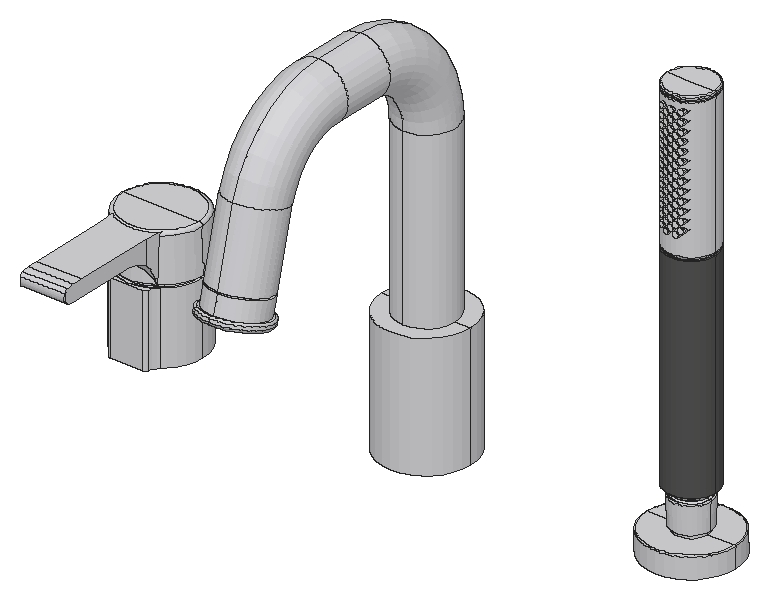
Revit family "Faucet-Bath_Filler-KOHLER-Singulier-K-10873", category Plumbing Fixtures, host Face, Revit 2015 (continued)
Definition of nested family "K-10873_Handspray"
  Lines and regions (in)
    symbolic lines, detail levels medium+fine
      curve 72: spline (5.98412, 0, 7.65096) -> (5.9863, 0, 7.63478) -> (5.99257, 0, 7.61971) -> (6.00249, 0, 7.60678) -> (6.01541, 0, 7.59686) -> (6.03043, 0, 7.59062) -> (6.04654, 0, 7.5885) -> (6.06266, 0, 7.59062) -> (6.07767, 0, 7.59686) -> (6.09058, 0, 7.60678) -> (6.10049, 0, 7.61972) -> (6.10675, 0, 7.63479) -> (6.10892, 0, 7.65097)
      curve 73: spline (6.10892, 0, 7.65097) -> (6.10671, 0, 7.66713) -> (6.10044, 0, 7.68217) -> (6.09052, 0, 7.69507) -> (6.07762, 0, 7.70497) -> (6.06261, 0, 7.71119) -> (6.04652, 0, 7.71331) -> (6.03043, 0, 7.71119) -> (6.01543, 0, 7.70497) -> (6.00253, 0, 7.69507) -> (5.9926, 0, 7.68216) -> (5.98632, 0, 7.66712) -> (5.98412, 0, 7.65096)
      curve 74: spline (5.76532, 0, 7.65085) -> (5.76754, 0, 7.63468) -> (5.77383, 0, 7.61963) -> (5.78375, 0, 7.60672) -> (5.79665, 0, 7.59683) -> (5.81164, 0, 7.59061) -> (5.82772, 0, 7.58849) -> (5.8438, 0, 7.59061) -> (5.8588, 0, 7.59683) -> (5.8717, 0, 7.60673) -> (5.88163, 0, 7.61963) -> (5.88791, 0, 7.63468) -> (5.89014, 0, 7.65085)
      curve 75: spline (5.89014, 0, 7.65085) -> (5.88793, 0, 7.66704) -> (5.88165, 0, 7.68211) -> (5.87172, 0, 7.69505) -> (5.85881, 0, 7.70497) -> (5.8438, 0, 7.7112) -> (5.8277, 0, 7.71332) -> (5.8116, 0, 7.7112) -> (5.7966, 0, 7.70496) -> (5.7837, 0, 7.69504) -> (5.77378, 0, 7.68211) -> (5.76751, 0, 7.66704) -> (5.76532, 0, 7.65085)
      curve 76: spline (5.65723, 0, 7.54843) -> (5.65969, 0, 7.53215) -> (5.66611, 0, 7.51706) -> (5.67608, 0, 7.50413) -> (5.68893, 0, 7.49424) -> (5.70382, 0, 7.48803) -> (5.71976, 0, 7.48592) -> (5.7357, 0, 7.48803) -> (5.75059, 0, 7.49424) -> (5.76344, 0, 7.50413) -> (5.77341, 0, 7.51706) -> (5.77983, 0, 7.53216) -> (5.78229, 0, 7.54843)
      curve 77: spline (5.78229, 0, 7.54843) -> (5.77983, 0, 7.56473) -> (5.77339, 0, 7.57984) -> (5.76341, 0, 7.59278) -> (5.75054, 0, 7.60269) -> (5.73564, 0, 7.6089) -> (5.71968, 0, 7.61102) -> (5.70373, 0, 7.6089) -> (5.68884, 0, 7.60268) -> (5.676, 0, 7.59278) -> (5.66605, 0, 7.57984) -> (5.65965, 0, 7.56472) -> (5.65723, 0, 7.54843)
      curve 78: spline (5.87642, 0, 7.54872) -> (5.87849, 0, 7.53251) -> (5.8847, 0, 7.5174) -> (5.89463, 0, 7.50442) -> (5.90759, 0, 7.49446) -> (5.92268, 0, 7.48821) -> (5.93889, 0, 7.4861) -> (5.95508, 0, 7.48826) -> (5.97016, 0, 7.49457) -> (5.98308, 0, 7.50457) -> (5.99297, 0, 7.51758) -> (5.99913, 0, 7.53272) -> (6.00115, 0, 7.54894)
      curve 79: spline (6.00115, 0, 7.54893) -> (5.99892, 0, 7.565) -> (5.99262, 0, 7.57995) -> (5.98268, 0, 7.59277) -> (5.96977, 0, 7.60259) -> (5.95476, 0, 7.60875) -> (5.93868, 0, 7.61084) -> (5.9226, 0, 7.6087) -> (5.90761, 0, 7.60249) -> (5.89473, 0, 7.59262) -> (5.88484, 0, 7.57977) -> (5.87859, 0, 7.5648) -> (5.87642, 0, 7.54872)
      curve 80: spline (6.09088, 0, 7.5485) -> (6.09329, 0, 7.53223) -> (6.0997, 0, 7.51712) -> (6.10967, 0, 7.50418) -> (6.12255, 0, 7.49428) -> (6.13747, 0, 7.48806) -> (6.15346, 0, 7.48593) -> (6.16943, 0, 7.48806) -> (6.18435, 0, 7.49428) -> (6.1972, 0, 7.50419) -> (6.20714, 0, 7.51712) -> (6.21352, 0, 7.53223) -> (6.21589, 0, 7.5485)
      curve 81: spline (6.21589, 0, 7.5485) -> (6.21348, 0, 7.56476) -> (6.20709, 0, 7.57985) -> (6.19713, 0, 7.59277) -> (6.18427, 0, 7.60266) -> (6.16936, 0, 7.60887) -> (6.15339, 0, 7.61099) -> (6.13742, 0, 7.60887) -> (6.12251, 0, 7.60266) -> (6.10965, 0, 7.59277) -> (6.09969, 0, 7.57985) -> (6.09329, 0, 7.56476) -> (6.09088, 0, 7.5485)
      curve 82: spline (5.98412, 0, 7.44943) -> (5.9863, 0, 7.43324) -> (5.99257, 0, 7.41817) -> (6.00249, 0, 7.40524) -> (6.01541, 0, 7.39532) -> (6.03043, 0, 7.38908) -> (6.04654, 0, 7.38696) -> (6.06266, 0, 7.38908) -> (6.07767, 0, 7.39532) -> (6.09058, 0, 7.40524) -> (6.10049, 0, 7.41818) -> (6.10675, 0, 7.43325) -> (6.10892, 0, 7.44943)
      curve 83: spline (6.10892, 0, 7.44943) -> (6.10671, 0, 7.46559) -> (6.10044, 0, 7.48063) -> (6.09052, 0, 7.49354) -> (6.07762, 0, 7.50343) -> (6.06261, 0, 7.50965) -> (6.04652, 0, 7.51177) -> (6.03043, 0, 7.50965) -> (6.01543, 0, 7.50343) -> (6.00253, 0, 7.49353) -> (5.9926, 0, 7.48063) -> (5.98632, 0, 7.46558) -> (5.98412, 0, 7.44943)
      curve 84: spline (5.76532, 0, 7.44931) -> (5.76754, 0, 7.43314) -> (5.77383, 0, 7.41809) -> (5.78375, 0, 7.40518) -> (5.79665, 0, 7.39529) -> (5.81164, 0, 7.38907) -> (5.82772, 0, 7.38695) -> (5.8438, 0, 7.38907) -> (5.8588, 0, 7.39529) -> (5.8717, 0, 7.40519) -> (5.88163, 0, 7.4181) -> (5.88791, 0, 7.43314) -> (5.89014, 0, 7.44931)
      curve 85: spline (5.89014, 0, 7.44931) -> (5.88793, 0, 7.4655) -> (5.88165, 0, 7.48058) -> (5.87172, 0, 7.49351) -> (5.85881, 0, 7.50343) -> (5.8438, 0, 7.50966) -> (5.8277, 0, 7.51179) -> (5.8116, 0, 7.50966) -> (5.7966, 0, 7.50343) -> (5.7837, 0, 7.49351) -> (5.77378, 0, 7.48057) -> (5.76751, 0, 7.4655) -> (5.76532, 0, 7.44931)
      curve 86: spline (5.65723, 0, 7.34803) -> (5.65969, 0, 7.33176) -> (5.66611, 0, 7.31666) -> (5.67608, 0, 7.30373) -> (5.68893, 0, 7.29384) -> (5.70382, 0, 7.28763) -> (5.71976, 0, 7.28552) -> (5.7357, 0, 7.28763) -> (5.75059, 0, 7.29384) -> (5.76344, 0, 7.30373) -> (5.77341, 0, 7.31666) -> (5.77983, 0, 7.33176) -> (5.78229, 0, 7.34803)
      curve 87: spline (5.78229, 0, 7.34803) -> (5.77983, 0, 7.36433) -> (5.77339, 0, 7.37944) -> (5.76341, 0, 7.39238) -> (5.75054, 0, 7.40229) -> (5.73564, 0, 7.4085) -> (5.71968, 0, 7.41062) -> (5.70373, 0, 7.4085) -> (5.68884, 0, 7.40229) -> (5.676, 0, 7.39238) -> (5.66605, 0, 7.37944) -> (5.65965, 0, 7.36432) -> (5.65723, 0, 7.34803)
      curve 88: spline (5.87642, 0, 7.34832) -> (5.87849, 0, 7.33211) -> (5.8847, 0, 7.317) -> (5.89463, 0, 7.30402) -> (5.90759, 0, 7.29406) -> (5.92268, 0, 7.28781) -> (5.93889, 0, 7.2857) -> (5.95508, 0, 7.28787) -> (5.97016, 0, 7.29417) -> (5.98308, 0, 7.30417) -> (5.99297, 0, 7.31718) -> (5.99913, 0, 7.33232) -> (6.00115, 0, 7.34854)
      curve 89: spline (6.00115, 0, 7.34853) -> (5.99892, 0, 7.3646) -> (5.99262, 0, 7.37955) -> (5.98268, 0, 7.39237) -> (5.96977, 0, 7.40219) -> (5.95476, 0, 7.40835) -> (5.93868, 0, 7.41044) -> (5.9226, 0, 7.4083) -> (5.90761, 0, 7.40209) -> (5.89473, 0, 7.39222) -> (5.88484, 0, 7.37937) -> (5.87859, 0, 7.3644) -> (5.87642, 0, 7.34832)
      curve 90: spline (6.09088, 0, 7.3481) -> (6.09329, 0, 7.33183) -> (6.0997, 0, 7.31672) -> (6.10967, 0, 7.30379) -> (6.12255, 0, 7.29388) -> (6.13747, 0, 7.28766) -> (6.15346, 0, 7.28554) -> (6.16943, 0, 7.28766) -> (6.18435, 0, 7.29388) -> (6.1972, 0, 7.30379) -> (6.20714, 0, 7.31672) -> (6.21352, 0, 7.33183) -> (6.21589, 0, 7.3481)
      curve 91: spline (6.21589, 0, 7.3481) -> (6.21348, 0, 7.36436) -> (6.20709, 0, 7.37945) -> (6.19713, 0, 7.39237) -> (6.18427, 0, 7.40226) -> (6.16936, 0, 7.40847) -> (6.15339, 0, 7.41059) -> (6.13742, 0, 7.40847) -> (6.12251, 0, 7.40226) -> (6.10965, 0, 7.39237) -> (6.09969, 0, 7.37945) -> (6.09329, 0, 7.36436) -> (6.09088, 0, 7.3481)
      curve 92: spline (5.98412, 0, 7.24903) -> (5.9863, 0, 7.23284) -> (5.99257, 0, 7.21777) -> (6.00249, 0, 7.20484) -> (6.01541, 0, 7.19492) -> (6.03043, 0, 7.18868) -> (6.04654, 0, 7.18656) -> (6.06266, 0, 7.18869) -> (6.07767, 0, 7.19492) -> (6.09058, 0, 7.20484) -> (6.10049, 0, 7.21778) -> (6.10675, 0, 7.23285) -> (6.10892, 0, 7.24903)
      curve 93: spline (6.10892, 0, 7.24903) -> (6.10671, 0, 7.26519) -> (6.10044, 0, 7.28023) -> (6.09052, 0, 7.29314) -> (6.07762, 0, 7.30303) -> (6.06261, 0, 7.30925) -> (6.04652, 0, 7.31137) -> (6.03043, 0, 7.30925) -> (6.01543, 0, 7.30303) -> (6.00253, 0, 7.29313) -> (5.9926, 0, 7.28023) -> (5.98632, 0, 7.26519) -> (5.98412, 0, 7.24903)
      curve 94: spline (5.76532, 0, 7.24891) -> (5.76754, 0, 7.23274) -> (5.77383, 0, 7.21769) -> (5.78375, 0, 7.20479) -> (5.79665, 0, 7.19489) -> (5.81164, 0, 7.18867) -> (5.82772, 0, 7.18655) -> (5.8438, 0, 7.18867) -> (5.8588, 0, 7.19489) -> (5.8717, 0, 7.20479) -> (5.88163, 0, 7.2177) -> (5.88791, 0, 7.23274) -> (5.89014, 0, 7.24891)
      curve 95: spline (5.89014, 0, 7.24891) -> (5.88793, 0, 7.2651) -> (5.88165, 0, 7.28018) -> (5.87172, 0, 7.29311) -> (5.85881, 0, 7.30303) -> (5.8438, 0, 7.30926) -> (5.8277, 0, 7.31139) -> (5.8116, 0, 7.30926) -> (5.7966, 0, 7.30303) -> (5.7837, 0, 7.29311) -> (5.77378, 0, 7.28017) -> (5.76751, 0, 7.2651) -> (5.76532, 0, 7.24891)
      curve 96: spline (5.65723, 0, 7.14649) -> (5.65969, 0, 7.13022) -> (5.66611, 0, 7.11512) -> (5.67608, 0, 7.1022) -> (5.68893, 0, 7.0923) -> (5.70382, 0, 7.08609) -> (5.71976, 0, 7.08398) -> (5.7357, 0, 7.08609) -> (5.75059, 0, 7.0923) -> (5.76344, 0, 7.1022) -> (5.77341, 0, 7.11512) -> (5.77983, 0, 7.13022) -> (5.78229, 0, 7.1465)
      curve 97: spline (5.78229, 0, 7.1465) -> (5.77983, 0, 7.16279) -> (5.77339, 0, 7.1779) -> (5.76341, 0, 7.19084) -> (5.75054, 0, 7.20075) -> (5.73564, 0, 7.20697) -> (5.71968, 0, 7.20909) -> (5.70373, 0, 7.20697) -> (5.68884, 0, 7.20075) -> (5.676, 0, 7.19084) -> (5.66605, 0, 7.1779) -> (5.65965, 0, 7.16279) -> (5.65723, 0, 7.14649)
      curve 98: spline (5.87642, 0, 7.14678) -> (5.87849, 0, 7.13057) -> (5.8847, 0, 7.11546) -> (5.89463, 0, 7.10248) -> (5.90759, 0, 7.09252) -> (5.92268, 0, 7.08627) -> (5.93889, 0, 7.08416) -> (5.95508, 0, 7.08633) -> (5.97016, 0, 7.09263) -> (5.98308, 0, 7.10263) -> (5.99297, 0, 7.11565) -> (5.99913, 0, 7.13078) -> (6.00115, 0, 7.147)
      curve 99: spline (6.00115, 0, 7.14699) -> (5.99892, 0, 7.16306) -> (5.99262, 0, 7.17801) -> (5.98268, 0, 7.19083) -> (5.96977, 0, 7.20065) -> (5.95476, 0, 7.20682) -> (5.93868, 0, 7.2089) -> (5.9226, 0, 7.20676) -> (5.90761, 0, 7.20055) -> (5.89473, 0, 7.19068) -> (5.88484, 0, 7.17783) -> (5.87859, 0, 7.16286) -> (5.87642, 0, 7.14678)
      curve 100: spline (6.09088, 0, 7.14656) -> (6.09329, 0, 7.13029) -> (6.0997, 0, 7.11518) -> (6.10967, 0, 7.10225) -> (6.12255, 0, 7.09234) -> (6.13747, 0, 7.08612) -> (6.15346, 0, 7.084) -> (6.16943, 0, 7.08612) -> (6.18435, 0, 7.09234) -> (6.1972, 0, 7.10225) -> (6.20714, 0, 7.11519) -> (6.21352, 0, 7.13029) -> (6.21589, 0, 7.14656)
      curve 101: spline (6.21589, 0, 7.14656) -> (6.21348, 0, 7.16282) -> (6.20709, 0, 7.17791) -> (6.19713, 0, 7.19083) -> (6.18427, 0, 7.20072) -> (6.16936, 0, 7.20694) -> (6.15339, 0, 7.20905) -> (6.13742, 0, 7.20693) -> (6.12251, 0, 7.20072) -> (6.10965, 0, 7.19083) -> (6.09969, 0, 7.17791) -> (6.09329, 0, 7.16282) -> (6.09088, 0, 7.14656)
      curve 102: spline (5.98412, 0, 7.04749) -> (5.9863, 0, 7.03131) -> (5.99257, 0, 7.01624) -> (6.00249, 0, 7.0033) -> (6.01541, 0, 6.99338) -> (6.03043, 0, 6.98715) -> (6.04654, 0, 6.98502) -> (6.06266, 0, 6.98715) -> (6.07767, 0, 6.99338) -> (6.09058, 0, 7.00331) -> (6.10049, 0, 7.01624) -> (6.10675, 0, 7.03131) -> (6.10892, 0, 7.0475)
      curve 103: spline (6.10892, 0, 7.0475) -> (6.10671, 0, 7.06365) -> (6.10044, 0, 7.07869) -> (6.09052, 0, 7.0916) -> (6.07762, 0, 7.10149) -> (6.06261, 0, 7.10771) -> (6.04652, 0, 7.10983) -> (6.03043, 0, 7.10771) -> (6.01543, 0, 7.10149) -> (6.00253, 0, 7.09159) -> (5.9926, 0, 7.07869) -> (5.98632, 0, 7.06365) -> (5.98412, 0, 7.04749)
      curve 104: spline (5.76532, 0, 7.04737) -> (5.76754, 0, 7.0312) -> (5.77383, 0, 7.01616) -> (5.78375, 0, 7.00325) -> (5.79665, 0, 6.99335) -> (5.81164, 0, 6.98713) -> (5.82772, 0, 6.98501) -> (5.8438, 0, 6.98713) -> (5.8588, 0, 6.99335) -> (5.8717, 0, 7.00325) -> (5.88163, 0, 7.01616) -> (5.88791, 0, 7.03121) -> (5.89014, 0, 7.04737)
      curve 105: spline (5.89014, 0, 7.04737) -> (5.88793, 0, 7.06357) -> (5.88165, 0, 7.07864) -> (5.87172, 0, 7.09157) -> (5.85881, 0, 7.10149) -> (5.8438, 0, 7.10772) -> (5.8277, 0, 7.10985) -> (5.8116, 0, 7.10772) -> (5.7966, 0, 7.10149) -> (5.7837, 0, 7.09157) -> (5.77378, 0, 7.07863) -> (5.76751, 0, 7.06356) -> (5.76532, 0, 7.04737)
      curve 106: spline (5.65723, 0, 6.94545) -> (5.65969, 0, 6.92917) -> (5.66611, 0, 6.91408) -> (5.67608, 0, 6.90115) -> (5.68893, 0, 6.89126) -> (5.70382, 0, 6.88505) -> (5.71976, 0, 6.88294) -> (5.7357, 0, 6.88505) -> (5.75059, 0, 6.89126) -> (5.76344, 0, 6.90115) -> (5.77341, 0, 6.91408) -> (5.77983, 0, 6.92918) -> (5.78229, 0, 6.94545)
      curve 107: spline (5.78229, 0, 6.94545) -> (5.77983, 0, 6.96174) -> (5.77339, 0, 6.97686) -> (5.76341, 0, 6.9898) -> (5.75054, 0, 6.9997) -> (5.73564, 0, 7.00592) -> (5.71968, 0, 7.00804) -> (5.70373, 0, 7.00592) -> (5.68884, 0, 6.9997) -> (5.676, 0, 6.9898) -> (5.66605, 0, 6.97686) -> (5.65965, 0, 6.96174) -> (5.65723, 0, 6.94545)
      curve 108: spline (5.87642, 0, 6.94574) -> (5.87849, 0, 6.92953) -> (5.8847, 0, 6.91442) -> (5.89463, 0, 6.90144) -> (5.90759, 0, 6.89148) -> (5.92268, 0, 6.88523) -> (5.93889, 0, 6.88312) -> (5.95508, 0, 6.88528) -> (5.97016, 0, 6.89159) -> (5.98308, 0, 6.90159) -> (5.99297, 0, 6.9146) -> (5.99913, 0, 6.92974) -> (6.00115, 0, 6.94596)
      curve 109: spline (6.00115, 0, 6.94595) -> (5.99892, 0, 6.96202) -> (5.99262, 0, 6.97697) -> (5.98268, 0, 6.98979) -> (5.96977, 0, 6.99961) -> (5.95476, 0, 7.00577) -> (5.93868, 0, 7.00786) -> (5.9226, 0, 7.00572) -> (5.90761, 0, 6.99951) -> (5.89473, 0, 6.98964) -> (5.88484, 0, 6.97679) -> (5.87859, 0, 6.96182) -> (5.87642, 0, 6.94574)
      curve 110: spline (6.09088, 0, 6.94552) -> (6.09329, 0, 6.92925) -> (6.0997, 0, 6.91414) -> (6.10967, 0, 6.9012) -> (6.12255, 0, 6.8913) -> (6.13747, 0, 6.88508) -> (6.15346, 0, 6.88295) -> (6.16943, 0, 6.88508) -> (6.18435, 0, 6.8913) -> (6.1972, 0, 6.90121) -> (6.20714, 0, 6.91414) -> (6.21352, 0, 6.92925) -> (6.21589, 0, 6.94552)
      curve 111: spline (6.21589, 0, 6.94552) -> (6.21348, 0, 6.96178) -> (6.20709, 0, 6.97687) -> (6.19713, 0, 6.98979) -> (6.18427, 0, 6.99968) -> (6.16936, 0, 7.00589) -> (6.15339, 0, 7.00801) -> (6.13742, 0, 7.00589) -> (6.12251, 0, 6.99968) -> (6.10965, 0, 6.98979) -> (6.09969, 0, 6.97687) -> (6.09329, 0, 6.96178) -> (6.09088, 0, 6.94552)
      curve 112: spline (5.98412, 0, 6.84645) -> (5.9863, 0, 6.83026) -> (5.99257, 0, 6.81519) -> (6.00249, 0, 6.80226) -> (6.01541, 0, 6.79234) -> (6.03043, 0, 6.7861) -> (6.04654, 0, 6.78398) -> (6.06266, 0, 6.7861) -> (6.07767, 0, 6.79234) -> (6.09058, 0, 6.80226) -> (6.10049, 0, 6.8152) -> (6.10675, 0, 6.83027) -> (6.10892, 0, 6.84645)
      curve 113: spline (6.10892, 0, 6.84645) -> (6.10671, 0, 6.86261) -> (6.10044, 0, 6.87765) -> (6.09052, 0, 6.89056) -> (6.07762, 0, 6.90045) -> (6.06261, 0, 6.90667) -> (6.04652, 0, 6.90879) -> (6.03043, 0, 6.90667) -> (6.01543, 0, 6.90045) -> (6.00253, 0, 6.89055) -> (5.9926, 0, 6.87765) -> (5.98632, 0, 6.8626) -> (5.98412, 0, 6.84645)
      curve 114: spline (5.76532, 0, 6.84633) -> (5.76754, 0, 6.83016) -> (5.77383, 0, 6.81511) -> (5.78375, 0, 6.8022) -> (5.79665, 0, 6.79231) -> (5.81164, 0, 6.78609) -> (5.82772, 0, 6.78397) -> (5.8438, 0, 6.78609) -> (5.8588, 0, 6.79231) -> (5.8717, 0, 6.80221) -> (5.88163, 0, 6.81512) -> (5.88791, 0, 6.83016) -> (5.89014, 0, 6.84633)
      curve 115: spline (5.89014, 0, 6.84633) -> (5.88793, 0, 6.86252) -> (5.88165, 0, 6.8776) -> (5.87172, 0, 6.89053) -> (5.85881, 0, 6.90045) -> (5.8438, 0, 6.90668) -> (5.8277, 0, 6.90881) -> (5.8116, 0, 6.90668) -> (5.7966, 0, 6.90045) -> (5.7837, 0, 6.89053) -> (5.77378, 0, 6.87759) -> (5.76751, 0, 6.86252) -> (5.76532, 0, 6.84633)
      curve 116: spline (5.65723, 0, 6.75115) -> (5.65969, 0, 6.73487) -> (5.66611, 0, 6.71977) -> (5.67608, 0, 6.70685) -> (5.68893, 0, 6.69695) -> (5.70382, 0, 6.69074) -> (5.71976, 0, 6.68863) -> (5.7357, 0, 6.69075) -> (5.75059, 0, 6.69695) -> (5.76344, 0, 6.70685) -> (5.77341, 0, 6.71977) -> (5.77983, 0, 6.73487) -> (5.78229, 0, 6.75115)
      curve 117: spline (5.78229, 0, 6.75115) -> (5.77983, 0, 6.76744) -> (5.77339, 0, 6.78255) -> (5.76341, 0, 6.79549) -> (5.75054, 0, 6.8054) -> (5.73564, 0, 6.81162) -> (5.71968, 0, 6.81374) -> (5.70373, 0, 6.81162) -> (5.68884, 0, 6.8054) -> (5.676, 0, 6.79549) -> (5.66605, 0, 6.78255) -> (5.65965, 0, 6.76744) -> (5.65723, 0, 6.75115)
      curve 118: spline (5.87642, 0, 6.75143) -> (5.87849, 0, 6.73522) -> (5.8847, 0, 6.72011) -> (5.89463, 0, 6.70713) -> (5.90759, 0, 6.69717) -> (5.92268, 0, 6.69092) -> (5.93889, 0, 6.68881) -> (5.95508, 0, 6.69098) -> (5.97016, 0, 6.69728) -> (5.98308, 0, 6.70728) -> (5.99297, 0, 6.7203) -> (5.99913, 0, 6.73543) -> (6.00115, 0, 6.75165)
      curve 119: spline (6.00115, 0, 6.75164) -> (5.99892, 0, 6.76771) -> (5.99262, 0, 6.78266) -> (5.98268, 0, 6.79548) -> (5.96977, 0, 6.8053) -> (5.95476, 0, 6.81147) -> (5.93868, 0, 6.81355) -> (5.9226, 0, 6.81141) -> (5.90761, 0, 6.8052) -> (5.89473, 0, 6.79533) -> (5.88484, 0, 6.78248) -> (5.87859, 0, 6.76751) -> (5.87642, 0, 6.75144)
      curve 120: spline (6.09088, 0, 6.75121) -> (6.09329, 0, 6.73494) -> (6.0997, 0, 6.71983) -> (6.10967, 0, 6.7069) -> (6.12255, 0, 6.69699) -> (6.13747, 0, 6.69077) -> (6.15346, 0, 6.68865) -> (6.16943, 0, 6.69077) -> (6.18435, 0, 6.69699) -> (6.1972, 0, 6.7069) -> (6.20714, 0, 6.71984) -> (6.21352, 0, 6.73494) -> (6.21589, 0, 6.75121)
      curve 121: spline (6.21589, 0, 6.75121) -> (6.21348, 0, 6.76747) -> (6.20709, 0, 6.78256) -> (6.19713, 0, 6.79548) -> (6.18427, 0, 6.80537) -> (6.16936, 0, 6.81159) -> (6.15339, 0, 6.8137) -> (6.13742, 0, 6.81159) -> (6.12251, 0, 6.80537) -> (6.10965, 0, 6.79548) -> (6.09969, 0, 6.78256) -> (6.09329, 0, 6.76747) -> (6.09088, 0, 6.75121)
      curve 122: spline (5.98412, 0, 6.65214) -> (5.9863, 0, 6.63596) -> (5.99257, 0, 6.62089) -> (6.00249, 0, 6.60795) -> (6.01541, 0, 6.59803) -> (6.03043, 0, 6.5918) -> (6.04654, 0, 6.58967) -> (6.06266, 0, 6.5918) -> (6.07767, 0, 6.59803) -> (6.09058, 0, 6.60796) -> (6.10049, 0, 6.62089) -> (6.10675, 0, 6.63596) -> (6.10892, 0, 6.65215)
      curve 123: spline (6.10892, 0, 6.65215) -> (6.10671, 0, 6.6683) -> (6.10044, 0, 6.68334) -> (6.09052, 0, 6.69625) -> (6.07762, 0, 6.70615) -> (6.06261, 0, 6.71236) -> (6.04652, 0, 6.71448) -> (6.03043, 0, 6.71236) -> (6.01543, 0, 6.70614) -> (6.00253, 0, 6.69624) -> (5.9926, 0, 6.68334) -> (5.98632, 0, 6.6683) -> (5.98412, 0, 6.65214)
      curve 124: spline (5.76532, 0, 6.65202) -> (5.76754, 0, 6.63585) -> (5.77383, 0, 6.62081) -> (5.78375, 0, 6.6079) -> (5.79665, 0, 6.598) -> (5.81164, 0, 6.59178) -> (5.82772, 0, 6.58966) -> (5.8438, 0, 6.59178) -> (5.8588, 0, 6.598) -> (5.8717, 0, 6.6079) -> (5.88163, 0, 6.62081) -> (5.88791, 0, 6.63586) -> (5.89014, 0, 6.65203)
      curve 125: spline (5.89014, 0, 6.65203) -> (5.88793, 0, 6.66822) -> (5.88165, 0, 6.68329) -> (5.87172, 0, 6.69622) -> (5.85881, 0, 6.70614) -> (5.8438, 0, 6.71237) -> (5.8277, 0, 6.7145) -> (5.8116, 0, 6.71237) -> (5.7966, 0, 6.70614) -> (5.7837, 0, 6.69622) -> (5.77378, 0, 6.68329) -> (5.76751, 0, 6.66821) -> (5.76532, 0, 6.65202)
      curve 126: line (0, 0.3725, 0.47244) -> (0, -0.3725, 0.47244)
      curve 127: line (0, 0.45022, 1.38142) -> (0, -0.45022, 1.38142)
      curve 128: line (0, 0.50351, 6.18542) -> (0, -0.50351, 6.18542)
      curve 129: line (0, 0.50351, 6.13142) -> (0, -0.50351, 6.13142)
      curve 130: spline (0, -0.56945, 9.13635) -> (0, -0.569, 9.15265) -> (0, -0.56765, 9.16777) -> (0, -0.56549, 9.18071) -> (0, -0.56267, 9.19063) -> (0, -0.55938, 9.19685) -> (0, -0.55582, 9.19898) -> (0, -0.55224, 9.19687) -> (0, -0.54888, 9.19065) -> (0, -0.54595, 9.18075) -> (0, -0.54365, 9.16781) -> (0, -0.54213, 9.1527) -> (0, -0.54149, 9.1364)
      curve 131: spline (0, -0.54149, 9.1364) -> (0, -0.54204, 9.12013) -> (0, -0.54347, 9.10503) -> (0, -0.5457, 9.0921) -> (0, -0.54857, 9.08221) -> (0, -0.5519, 9.07599) -> (0, -0.55546, 9.07387) -> (0, -0.55903, 9.07598) -> (0, -0.56236, 9.08219) -> (0, -0.56523, 9.09207) -> (0, -0.56746, 9.10499) -> (0, -0.5689, 9.12008) -> (0, -0.56945, 9.13635)
      curve 132: spline (0, -0.56659, 9.03731) -> (0, -0.56686, 9.02113) -> (0, -0.5676, 9.00607) -> (0, -0.56875, 8.99315) -> (0, -0.57023, 8.98325) -> (0, -0.57195, 8.97702) -> (0, -0.5738, 8.97491) -> (0, -0.57563, 8.97703) -> (0, -0.57734, 8.98327) -> (0, -0.5788, 8.99318) -> (0, -0.57992, 9.0061) -> (0, -0.58062, 9.02116) -> (0, -0.58085, 9.03735)
      curve 133: spline (0, -0.58085, 9.03735) -> (0, -0.58066, 9.05353) -> (0, -0.58, 9.06858) -> (0, -0.57891, 9.0815) -> (0, -0.57747, 9.0914) -> (0, -0.57578, 9.09763) -> (0, -0.57395, 9.09974) -> (0, -0.57211, 9.09762) -> (0, -0.57037, 9.09139) -> (0, -0.56886, 9.08147) -> (0, -0.56768, 9.06855) -> (0, -0.5669, 9.05349) -> (0, -0.56659, 9.03731)
      curve 134: spline (0, -0.54149, 8.9371) -> (0, -0.54213, 8.95339) -> (0, -0.54365, 8.96851) -> (0, -0.54595, 8.98145) -> (0, -0.54888, 8.99135) -> (0, -0.55224, 8.99757) -> (0, -0.55582, 8.99968) -> (0, -0.55938, 8.99755) -> (0, -0.56267, 8.99133) -> (0, -0.56549, 8.98141) -> (0, -0.56765, 8.96847) -> (0, -0.569, 8.95335) -> (0, -0.56945, 8.93705)
      curve 135: spline (0, -0.56945, 8.93705) -> (0, -0.5689, 8.92078) -> (0, -0.56746, 8.90569) -> (0, -0.56523, 8.89277) -> (0, -0.56236, 8.88288) -> (0, -0.55903, 8.87668) -> (0, -0.55546, 8.87457) -> (0, -0.5519, 8.87669) -> (0, -0.54857, 8.88291) -> (0, -0.5457, 8.8928) -> (0, -0.54347, 8.90573) -> (0, -0.54204, 8.92082) -> (0, -0.54149, 8.9371)
      curve 136: spline (0, -0.54149, 8.73415) -> (0, -0.54213, 8.75045) -> (0, -0.54365, 8.76556) -> (0, -0.54595, 8.7785) -> (0, -0.54888, 8.78841) -> (0, -0.55224, 8.79462) -> (0, -0.55582, 8.79673) -> (0, -0.55938, 8.79461) -> (0, -0.56267, 8.78838) -> (0, -0.56549, 8.77847) -> (0, -0.56765, 8.76552) -> (0, -0.569, 8.7504) -> (0, -0.56945, 8.73411)
      curve 137: spline (0, -0.56945, 8.73411) -> (0, -0.5689, 8.71783) -> (0, -0.56746, 8.70274) -> (0, -0.56523, 8.68982) -> (0, -0.56236, 8.67994) -> (0, -0.55903, 8.67374) -> (0, -0.55546, 8.67163) -> (0, -0.5519, 8.67375) -> (0, -0.54857, 8.67996) -> (0, -0.5457, 8.68986) -> (0, -0.54347, 8.70278) -> (0, -0.54204, 8.71788) -> (0, -0.54149, 8.73415)
      curve 138: spline (0, -0.54096, 8.54478) -> (0, -0.5416, 8.56108) -> (0, -0.54313, 8.57619) -> (0, -0.54545, 8.58913) -> (0, -0.54841, 8.59903) -> (0, -0.5518, 8.60525) -> (0, -0.55541, 8.60736) -> (0, -0.559, 8.60524) -> (0, -0.56232, 8.59901) -> (0, -0.56516, 8.5891) -> (0, -0.56734, 8.57615) -> (0, -0.5687, 8.56103) -> (0, -0.56916, 8.54473)
      curve 139: spline (0, -0.56916, 8.54473) -> (0, -0.5686, 8.52846) -> (0, -0.56715, 8.51336) -> (0, -0.5649, 8.50045) -> (0, -0.562, 8.49056) -> (0, -0.55864, 8.48436) -> (0, -0.55505, 8.48225) -> (0, -0.55145, 8.48437) -> (0, -0.5481, 8.49058) -> (0, -0.5452, 8.50048) -> (0, -0.54296, 8.5134) -> (0, -0.54151, 8.5285) -> (0, -0.54096, 8.54478)
      curve 140: spline (0, -0.58085, 8.6351) -> (0, -0.58062, 8.61892) -> (0, -0.57992, 8.60386) -> (0, -0.5788, 8.59093) -> (0, -0.57734, 8.58102) -> (0, -0.57563, 8.57479) -> (0, -0.5738, 8.57266) -> (0, -0.57195, 8.57478) -> (0, -0.57023, 8.581) -> (0, -0.56875, 8.59091) -> (0, -0.5676, 8.60382) -> (0, -0.56686, 8.61888) -> (0, -0.56659, 8.63506)
      curve 141: spline (0, -0.56659, 8.63506) -> (0, -0.5669, 8.65124) -> (0, -0.56768, 8.6663) -> (0, -0.56886, 8.67923) -> (0, -0.57037, 8.68914) -> (0, -0.57211, 8.69537) -> (0, -0.57395, 8.6975) -> (0, -0.57578, 8.69538) -> (0, -0.57747, 8.68916) -> (0, -0.57891, 8.67925) -> (0, -0.58, 8.66634) -> (0, -0.58066, 8.65128) -> (0, -0.58085, 8.6351)
      curve 142: spline (0, -0.54096, 8.34364) -> (0, -0.5416, 8.35994) -> (0, -0.54313, 8.37505) -> (0, -0.54545, 8.38799) -> (0, -0.54841, 8.39789) -> (0, -0.5518, 8.40411) -> (0, -0.55541, 8.40622) -> (0, -0.559, 8.4041) -> (0, -0.56232, 8.39787) -> (0, -0.56516, 8.38796) -> (0, -0.56734, 8.37501) -> (0, -0.5687, 8.35989) -> (0, -0.56916, 8.34359)
      curve 143: spline (0, -0.56916, 8.34359) -> (0, -0.5686, 8.32732) -> (0, -0.56715, 8.31222) -> (0, -0.5649, 8.29931) -> (0, -0.562, 8.28942) -> (0, -0.55864, 8.28322) -> (0, -0.55505, 8.28111) -> (0, -0.55145, 8.28323) -> (0, -0.5481, 8.28944) -> (0, -0.5452, 8.29934) -> (0, -0.54296, 8.31226) -> (0, -0.54151, 8.32736) -> (0, -0.54096, 8.34364)
      curve 144: spline (0, -0.58075, 8.44573) -> (0, -0.58052, 8.42954) -> (0, -0.5798, 8.41448) -> (0, -0.57867, 8.40156) -> (0, -0.57718, 8.39164) -> (0, -0.57545, 8.38541) -> (0, -0.57358, 8.38328) -> (0, -0.57171, 8.3854) -> (0, -0.56996, 8.39162) -> (0, -0.56845, 8.40153) -> (0, -0.56729, 8.41445) -> (0, -0.56654, 8.42951) -> (0, -0.56626, 8.44569)
      curve 145: spline (0, -0.56626, 8.44569) -> (0, -0.56658, 8.46187) -> (0, -0.56737, 8.47693) -> (0, -0.56857, 8.48985) -> (0, -0.5701, 8.49977) -> (0, -0.57187, 8.506) -> (0, -0.57374, 8.50812) -> (0, -0.5756, 8.50601) -> (0, -0.57732, 8.49978) -> (0, -0.57878, 8.48988) -> (0, -0.57988, 8.47696) -> (0, -0.58056, 8.46191) -> (0, -0.58075, 8.44573)
      curve 146: spline (0, -0.58075, 8.24459) -> (0, -0.58052, 8.2284) -> (0, -0.5798, 8.21334) -> (0, -0.57867, 8.20042) -> (0, -0.57718, 8.1905) -> (0, -0.57545, 8.18427) -> (0, -0.57358, 8.18214) -> (0, -0.57171, 8.18426) -> (0, -0.56996, 8.19048) -> (0, -0.56845, 8.20039) -> (0, -0.56729, 8.21331) -> (0, -0.56654, 8.22837) -> (0, -0.56626, 8.24455)
      curve 147: spline (0, -0.56626, 8.24455) -> (0, -0.56658, 8.26073) -> (0, -0.56737, 8.27579) -> (0, -0.56857, 8.28872) -> (0, -0.5701, 8.29863) -> (0, -0.57187, 8.30486) -> (0, -0.57374, 8.30698) -> (0, -0.5756, 8.30487) -> (0, -0.57732, 8.29865) -> (0, -0.57878, 8.28874) -> (0, -0.57988, 8.27582) -> (0, -0.58056, 8.26077) -> (0, -0.58075, 8.24459)
      curve 148: spline (0, -0.54096, 8.14395) -> (0, -0.5416, 8.16024) -> (0, -0.54313, 8.17536) -> (0, -0.54545, 8.1883) -> (0, -0.54841, 8.1982) -> (0, -0.5518, 8.20442) -> (0, -0.55541, 8.20653) -> (0, -0.559, 8.20441) -> (0, -0.56232, 8.19818) -> (0, -0.56516, 8.18827) -> (0, -0.56734, 8.17532) -> (0, -0.5687, 8.1602) -> (0, -0.56916, 8.1439)
      curve 149: spline (0, -0.56916, 8.1439) -> (0, -0.5686, 8.12763) -> (0, -0.56715, 8.11253) -> (0, -0.5649, 8.09962) -> (0, -0.562, 8.08973) -> (0, -0.55864, 8.08353) -> (0, -0.55505, 8.08142) -> (0, -0.55145, 8.08354) -> (0, -0.5481, 8.08975) -> (0, -0.5452, 8.09965) -> (0, -0.54296, 8.11257) -> (0, -0.54151, 8.12767) -> (0, -0.54096, 8.14395)
      curve 150: spline (0, -0.54096, 7.94583) -> (0, -0.5416, 7.96212) -> (0, -0.54313, 7.97724) -> (0, -0.54545, 7.99018) -> (0, -0.54841, 8.00008) -> (0, -0.5518, 8.00629) -> (0, -0.55541, 8.00841) -> (0, -0.559, 8.00628) -> (0, -0.56232, 8.00006) -> (0, -0.56516, 7.99014) -> (0, -0.56734, 7.9772) -> (0, -0.5687, 7.96208) -> (0, -0.56916, 7.94578)
      curve 151: spline (0, -0.56916, 7.94578) -> (0, -0.5686, 7.9295) -> (0, -0.56715, 7.91441) -> (0, -0.5649, 7.90149) -> (0, -0.562, 7.89161) -> (0, -0.55864, 7.8854) -> (0, -0.55505, 7.88329) -> (0, -0.55145, 7.88542) -> (0, -0.5481, 7.89163) -> (0, -0.5452, 7.90153) -> (0, -0.54296, 7.91445) -> (0, -0.54151, 7.92955) -> (0, -0.54096, 7.94583)
      curve 152: spline (0, -0.58075, 8.04489) -> (0, -0.58052, 8.02871) -> (0, -0.5798, 8.01365) -> (0, -0.57867, 8.00072) -> (0, -0.57718, 7.99081) -> (0, -0.57545, 7.98458) -> (0, -0.57358, 7.98245) -> (0, -0.57171, 7.98457) -> (0, -0.56996, 7.99079) -> (0, -0.56845, 8.0007) -> (0, -0.56729, 8.01362) -> (0, -0.56654, 8.02868) -> (0, -0.56626, 8.04486)
      curve 153: spline (0, -0.56626, 8.04486) -> (0, -0.56658, 8.06104) -> (0, -0.56737, 8.0761) -> (0, -0.56857, 8.08902) -> (0, -0.5701, 8.09893) -> (0, -0.57187, 8.10516) -> (0, -0.57374, 8.10729) -> (0, -0.5756, 8.10517) -> (0, -0.57732, 8.09895) -> (0, -0.57878, 8.08905) -> (0, -0.57988, 8.07613) -> (0, -0.58056, 8.06107) -> (0, -0.58075, 8.04489)
      curve 154: spline (0, -0.56916, 7.74994) -> (0, -0.5686, 7.73366) -> (0, -0.56715, 7.71856) -> (0, -0.5649, 7.70565) -> (0, -0.562, 7.69576) -> (0, -0.55864, 7.68956) -> (0, -0.55505, 7.68745) -> (0, -0.55145, 7.68957) -> (0, -0.5481, 7.69579) -> (0, -0.5452, 7.70568) -> (0, -0.54296, 7.7186) -> (0, -0.54151, 7.7337) -> (0, -0.54096, 7.74998)
      curve 155: spline (0, -0.54096, 7.74998) -> (0, -0.5416, 7.76628) -> (0, -0.54313, 7.78139) -> (0, -0.54545, 7.79433) -> (0, -0.54841, 7.80424) -> (0, -0.5518, 7.81045) -> (0, -0.55541, 7.81256) -> (0, -0.559, 7.81044) -> (0, -0.56232, 7.80421) -> (0, -0.56516, 7.7943) -> (0, -0.56734, 7.78135) -> (0, -0.5687, 7.76623) -> (0, -0.56916, 7.74994)
      curve 156: spline (0, -0.56916, 7.5484) -> (0, -0.5686, 7.53212) -> (0, -0.56715, 7.51703) -> (0, -0.5649, 7.50411) -> (0, -0.562, 7.49422) -> (0, -0.55864, 7.48802) -> (0, -0.55505, 7.48591) -> (0, -0.55145, 7.48803) -> (0, -0.5481, 7.49425) -> (0, -0.5452, 7.50414) -> (0, -0.54296, 7.51707) -> (0, -0.54151, 7.53217) -> (0, -0.54096, 7.54844)
      curve 157: spline (0, -0.54096, 7.54844) -> (0, -0.5416, 7.56474) -> (0, -0.54313, 7.57986) -> (0, -0.54545, 7.59279) -> (0, -0.54841, 7.6027) -> (0, -0.5518, 7.60891) -> (0, -0.55541, 7.61103) -> (0, -0.559, 7.6089) -> (0, -0.56232, 7.60267) -> (0, -0.56516, 7.59276) -> (0, -0.56734, 7.57982) -> (0, -0.5687, 7.5647) -> (0, -0.56916, 7.5484)
      curve 158: spline (0, -0.56626, 7.65089) -> (0, -0.56658, 7.66707) -> (0, -0.56737, 7.68213) -> (0, -0.56857, 7.69506) -> (0, -0.5701, 7.70497) -> (0, -0.57187, 7.7112) -> (0, -0.57374, 7.71333) -> (0, -0.5756, 7.71121) -> (0, -0.57732, 7.70499) -> (0, -0.57878, 7.69508) -> (0, -0.57988, 7.68217) -> (0, -0.58056, 7.66711) -> (0, -0.58075, 7.65093)
      curve 159: spline (0, -0.58075, 7.65093) -> (0, -0.58052, 7.63474) -> (0, -0.5798, 7.61968) -> (0, -0.57867, 7.60676) -> (0, -0.57718, 7.59684) -> (0, -0.57545, 7.59061) -> (0, -0.57358, 7.58848) -> (0, -0.57171, 7.5906) -> (0, -0.56996, 7.59683) -> (0, -0.56845, 7.60673) -> (0, -0.56729, 7.61965) -> (0, -0.56654, 7.63471) -> (0, -0.56626, 7.65089)
      curve 160: spline (0, -0.58075, 7.84677) -> (0, -0.58052, 7.83059) -> (0, -0.5798, 7.81553) -> (0, -0.57867, 7.8026) -> (0, -0.57718, 7.79269) -> (0, -0.57545, 7.78646) -> (0, -0.57358, 7.78433) -> (0, -0.57171, 7.78645) -> (0, -0.56996, 7.79267) -> (0, -0.56845, 7.80258) -> (0, -0.56729, 7.81549) -> (0, -0.56654, 7.83055) -> (0, -0.56626, 7.84674)
      curve 161: spline (0, -0.56626, 7.84674) -> (0, -0.56658, 7.86292) -> (0, -0.56737, 7.87798) -> (0, -0.56857, 7.8909) -> (0, -0.5701, 7.90081) -> (0, -0.57187, 7.90704) -> (0, -0.57374, 7.90917) -> (0, -0.5756, 7.90705) -> (0, -0.57732, 7.90083) -> (0, -0.57878, 7.89093) -> (0, -0.57988, 7.87801) -> (0, -0.58056, 7.86295) -> (0, -0.58075, 7.84677)
      curve 162: spline (0, -0.54096, 7.14651) -> (0, -0.5416, 7.1628) -> (0, -0.54313, 7.17792) -> (0, -0.54545, 7.19086) -> (0, -0.54841, 7.20076) -> (0, -0.5518, 7.20697) -> (0, -0.55541, 7.20909) -> (0, -0.559, 7.20696) -> (0, -0.56232, 7.20074) -> (0, -0.56516, 7.19082) -> (0, -0.56734, 7.17788) -> (0, -0.5687, 7.16276) -> (0, -0.56916, 7.14646)
      curve 163: spline (0, -0.56916, 7.14646) -> (0, -0.5686, 7.13018) -> (0, -0.56715, 7.11509) -> (0, -0.5649, 7.10217) -> (0, -0.562, 7.09229) -> (0, -0.55864, 7.08608) -> (0, -0.55505, 7.08397) -> (0, -0.55145, 7.0861) -> (0, -0.5481, 7.09231) -> (0, -0.5452, 7.10221) -> (0, -0.54296, 7.11513) -> (0, -0.54151, 7.13023) -> (0, -0.54096, 7.14651)
      curve 164: spline (0, -0.58075, 7.24899) -> (0, -0.58052, 7.23281) -> (0, -0.5798, 7.21774) -> (0, -0.57867, 7.20482) -> (0, -0.57718, 7.19491) -> (0, -0.57545, 7.18868) -> (0, -0.57358, 7.18655) -> (0, -0.57171, 7.18867) -> (0, -0.56996, 7.19489) -> (0, -0.56845, 7.20479) -> (0, -0.56729, 7.21771) -> (0, -0.56654, 7.23277) -> (0, -0.56626, 7.24895)
      curve 165: spline (0, -0.56626, 7.24895) -> (0, -0.56658, 7.26513) -> (0, -0.56737, 7.2802) -> (0, -0.56857, 7.29312) -> (0, -0.5701, 7.30303) -> (0, -0.57187, 7.30926) -> (0, -0.57374, 7.31139) -> (0, -0.5756, 7.30927) -> (0, -0.57732, 7.30305) -> (0, -0.57878, 7.29314) -> (0, -0.57988, 7.28023) -> (0, -0.58056, 7.26517) -> (0, -0.58075, 7.24899)
      curve 166: spline (0, -0.54096, 6.94546) -> (0, -0.5416, 6.96176) -> (0, -0.54313, 6.97688) -> (0, -0.54545, 6.98981) -> (0, -0.54841, 6.99972) -> (0, -0.5518, 7.00593) -> (0, -0.55541, 7.00805) -> (0, -0.559, 7.00592) -> (0, -0.56232, 6.99969) -> (0, -0.56516, 6.98978) -> (0, -0.56734, 6.97684) -> (0, -0.5687, 6.96172) -> (0, -0.56916, 6.94542)
      curve 167: spline (0, -0.56916, 6.94542) -> (0, -0.5686, 6.92914) -> (0, -0.56715, 6.91405) -> (0, -0.5649, 6.90113) -> (0, -0.562, 6.89124) -> (0, -0.55864, 6.88504) -> (0, -0.55505, 6.88293) -> (0, -0.55145, 6.88505) -> (0, -0.5481, 6.89127) -> (0, -0.5452, 6.90116) -> (0, -0.54296, 6.91409) -> (0, -0.54151, 6.92919) -> (0, -0.54096, 6.94546)
      curve 168: spline (0, -0.58075, 7.04745) -> (0, -0.58052, 7.03127) -> (0, -0.5798, 7.01621) -> (0, -0.57867, 7.00328) -> (0, -0.57718, 6.99337) -> (0, -0.57545, 6.98714) -> (0, -0.57358, 6.98501) -> (0, -0.57171, 6.98713) -> (0, -0.56996, 6.99335) -> (0, -0.56845, 7.00326) -> (0, -0.56729, 7.01617) -> (0, -0.56654, 7.03123) -> (0, -0.56626, 7.04742)
      curve 169: spline (0, -0.56626, 7.04742) -> (0, -0.56658, 7.0636) -> (0, -0.56737, 7.07866) -> (0, -0.56857, 7.09158) -> (0, -0.5701, 7.10149) -> (0, -0.57187, 7.10772) -> (0, -0.57374, 7.10985) -> (0, -0.5756, 7.10773) -> (0, -0.57732, 7.10151) -> (0, -0.57878, 7.09161) -> (0, -0.57988, 7.07869) -> (0, -0.58056, 7.06363) -> (0, -0.58075, 7.04745)
      curve 170: spline (0, -0.54096, 6.75116) -> (0, -0.5416, 6.76745) -> (0, -0.54313, 6.78257) -> (0, -0.54545, 6.79551) -> (0, -0.54841, 6.80541) -> (0, -0.5518, 6.81163) -> (0, -0.55541, 6.81374) -> (0, -0.559, 6.81161) -> (0, -0.56232, 6.80539) -> (0, -0.56516, 6.79548) -> (0, -0.56734, 6.78253) -> (0, -0.5687, 6.76741) -> (0, -0.56916, 6.75111)
      curve 171: spline (0, -0.56916, 6.75111) -> (0, -0.5686, 6.73483) -> (0, -0.56715, 6.71974) -> (0, -0.5649, 6.70682) -> (0, -0.562, 6.69694) -> (0, -0.55864, 6.69074) -> (0, -0.55505, 6.68863) -> (0, -0.55145, 6.69075) -> (0, -0.5481, 6.69696) -> (0, -0.5452, 6.70686) -> (0, -0.54296, 6.71978) -> (0, -0.54151, 6.73488) -> (0, -0.54096, 6.75116)
      curve 172: spline (0, -0.58075, 6.84641) -> (0, -0.58052, 6.83023) -> (0, -0.5798, 6.81516) -> (0, -0.57867, 6.80224) -> (0, -0.57718, 6.79233) -> (0, -0.57545, 6.78609) -> (0, -0.57358, 6.78397) -> (0, -0.57171, 6.78609) -> (0, -0.56996, 6.79231) -> (0, -0.56845, 6.80221) -> (0, -0.56729, 6.81513) -> (0, -0.56654, 6.83019) -> (0, -0.56626, 6.84637)
      curve 173: spline (0, -0.56626, 6.84637) -> (0, -0.56658, 6.86255) -> (0, -0.56737, 6.87762) -> (0, -0.56857, 6.89054) -> (0, -0.5701, 6.90045) -> (0, -0.57187, 6.90668) -> (0, -0.57374, 6.90881) -> (0, -0.5756, 6.90669) -> (0, -0.57732, 6.90047) -> (0, -0.57878, 6.89056) -> (0, -0.57988, 6.87765) -> (0, -0.58056, 6.86259) -> (0, -0.58075, 6.84641)
      curve 174: spline (0, -0.58075, 6.6521) -> (0, -0.58052, 6.63592) -> (0, -0.5798, 6.62086) -> (0, -0.57867, 6.60793) -> (0, -0.57718, 6.59802) -> (0, -0.57545, 6.59179) -> (0, -0.57358, 6.58966) -> (0, -0.57171, 6.59178) -> (0, -0.56996, 6.598) -> (0, -0.56845, 6.60791) -> (0, -0.56729, 6.62083) -> (0, -0.56654, 6.63588) -> (0, -0.56626, 6.65207)
      curve 175: spline (0, -0.56626, 6.65207) -> (0, -0.56658, 6.66825) -> (0, -0.56737, 6.68331) -> (0, -0.56857, 6.69623) -> (0, -0.5701, 6.70614) -> (0, -0.57187, 6.71237) -> (0, -0.57374, 6.7145) -> (0, -0.5756, 6.71238) -> (0, -0.57732, 6.70616) -> (0, -0.57878, 6.69626) -> (0, -0.57988, 6.68334) -> (0, -0.58056, 6.66828) -> (0, -0.58075, 6.6521)
      curve 176: spline (0, -0.56916, 7.348) -> (0, -0.5686, 7.33172) -> (0, -0.56715, 7.31663) -> (0, -0.5649, 7.30371) -> (0, -0.562, 7.29383) -> (0, -0.55864, 7.28762) -> (0, -0.55505, 7.28551) -> (0, -0.55145, 7.28763) -> (0, -0.5481, 7.29385) -> (0, -0.5452, 7.30374) -> (0, -0.54296, 7.31667) -> (0, -0.54151, 7.33177) -> (0, -0.54096, 7.34804)
      curve 177: spline (0, -0.54096, 7.34804) -> (0, -0.5416, 7.36434) -> (0, -0.54313, 7.37946) -> (0, -0.54545, 7.39239) -> (0, -0.54841, 7.4023) -> (0, -0.5518, 7.40851) -> (0, -0.55541, 7.41063) -> (0, -0.559, 7.4085) -> (0, -0.56232, 7.40228) -> (0, -0.56516, 7.39236) -> (0, -0.56734, 7.37942) -> (0, -0.5687, 7.3643) -> (0, -0.56916, 7.348)
      curve 178: spline (0, -0.58075, 7.44939) -> (0, -0.58052, 7.43321) -> (0, -0.5798, 7.41814) -> (0, -0.57867, 7.40522) -> (0, -0.57718, 7.39531) -> (0, -0.57545, 7.38908) -> (0, -0.57358, 7.38695) -> (0, -0.57171, 7.38907) -> (0, -0.56996, 7.39529) -> (0, -0.56845, 7.40519) -> (0, -0.56729, 7.41811) -> (0, -0.56654, 7.43317) -> (0, -0.56626, 7.44935)
      curve 179: spline (0, -0.56626, 7.44935) -> (0, -0.56658, 7.46553) -> (0, -0.56737, 7.4806) -> (0, -0.56857, 7.49352) -> (0, -0.5701, 7.50343) -> (0, -0.57187, 7.50966) -> (0, -0.57374, 7.51179) -> (0, -0.5756, 7.50967) -> (0, -0.57732, 7.50345) -> (0, -0.57878, 7.49354) -> (0, -0.57988, 7.48063) -> (0, -0.58056, 7.46557) -> (0, -0.58075, 7.44939)
      curve 180: spline (0, -0.58085, 8.83805) -> (0, -0.58062, 8.82186) -> (0, -0.57992, 8.8068) -> (0, -0.5788, 8.79388) -> (0, -0.57734, 8.78396) -> (0, -0.57563, 8.77773) -> (0, -0.5738, 8.77561) -> (0, -0.57195, 8.77772) -> (0, -0.57023, 8.78395) -> (0, -0.56875, 8.79385) -> (0, -0.5676, 8.80677) -> (0, -0.56686, 8.82183) -> (0, -0.56659, 8.83801)
      curve 181: spline (0, -0.56659, 8.83801) -> (0, -0.5669, 8.85419) -> (0, -0.56768, 8.86925) -> (0, -0.56886, 8.88217) -> (0, -0.57037, 8.89208) -> (0, -0.57211, 8.89832) -> (0, -0.57395, 8.90044) -> (0, -0.57578, 8.89832) -> (0, -0.57747, 8.8921) -> (0, -0.57891, 8.8822) -> (0, -0.58, 8.86928) -> (0, -0.58066, 8.85422) -> (0, -0.58085, 8.83805)
      curve 182: circle (5.9375, 0, 0) r 0.52876 normal (0, 0, 1)
      curve 183: arc (6.21767, -0.54615, 0) -> (5.93713, -0.58225, 0) -> (5.6573, -0.54097, 0) r 1.03396
      curve 184: line (5.6573, -0.54097, 0) -> (5.6573, -0.44842, 0)
      curve 185: line (6.21767, -0.54615, 0) -> (6.21767, -0.44843, 0)
      curve 186: line (5.76532, -0.56626, 0) -> (5.76532, -0.49994, 0)
      curve 187: line (6.10968, -0.56937, 0) -> (6.10968, -0.49994, 0)
      curve 188: line (5.89132, -0.58081, 0) -> (5.89132, -0.52674, 0)
      curve 189: line (5.98368, -0.58163, 0) -> (5.98368, -0.52674, 0)
      curve 190: line (5.565, 0, 0.47244) -> (6.31, 0, 0.47244)
      curve 191: line (0, 0.37984, 1.29142) -> (0, -0.37984, 1.29142)
  Dimensions and locks (in)
    plane 4 to plane 3 "Center (Left/Right)" = 5 15/16"
    plane 5 to plane 3 "Center (Left/Right)" = 5 15/16"
    plane 6 to level = 9 1/8"
    plane 1 "Center (Front/Back)" to plane 7 = 5 5/16"
    plane 8 to level = 4 15/16"
    plane 9 to level = 9 7/16"
    plane 10 to plane 4 = 15/16"
    plane 12 to plane 5 = 1"
    aligned and locked: plane 2 to level
Definition of nested family "K-10873_Lever"
  Parameters (values of type "K-10873_Lever")
    Material = none
  Reference planes (in)
    plane 1 "Center (Front/Back)": y = 0
    plane 2: z = 0
    plane 3 "Center (Left/Right)": x = 0
    plane 4: x = -5.9375
    plane 5: x = 5.9375
    plane 6: z = 9.125
    plane 7: y = -5.3125
    plane 8: z = 4.9375
    plane 9: z = 9.4375
    plane 10: x = -6.875
    plane 11: x = -5
    plane 12: y = 0.9375
    plane 13: y = -0.9375
    plane 14: y = 1
    plane 15: y = -1
    plane 16: y = 0.9375
    plane 17: y = -0.9375
    plane 18: z = 2.75
  Forms (in)
    Revolve 1, solid, material <- "Material", detail levels medium+fine
      sketch origin (-0.42569, 0, -1.98819) x (1, 0, 0) y (0, 0, 1)
        loop
          line (-5.51181, 1.98819) -> (-4.68504, 1.98819) -> (-4.68504, 2.02756) -> (-4.57431, 2.02756) -> (-4.57431, 3.63386) -> (-4.64173, 3.63386)
          arc (-4.64173, 3.63386) -> (-4.65343, 3.67635) -> (-4.6834, 3.70866) r 0.09288
          line (-4.6834, 3.70866) -> (-4.56842, 3.70866) -> (-4.59862, 4.66352)
          arc (-4.59862, 4.66352) -> (-4.62204, 4.71646) -> (-4.67569, 4.73819) r 0.07711
          line (-4.67569, 4.73819) -> (-5.51181, 4.73819) -> (-5.51181, 1.98819)
        axis (-5.51181, 1.98819) -> (-5.51181, 4.73819)
      angle from 0 to 360
    Extrusion 2, solid, material <- "Material", detail levels medium+fine
      sketch origin (-0.42569, 0, -1.98819) x (1, 0, 0) y (0, 1, 0)
        loop
          arc (-5.12748, -1.0001) -> (-5.07786, -0.98303) -> (-5.04925, -0.93904) r 0.08064
          arc (-5.04925, -0.93904) -> (-4.98681, -0.79362) -> (-4.88171, -0.6753) r 0.49557
          line (-4.88171, -0.6753) -> (-6.12298, -0.64059)
          arc (-6.12298, -0.64059) -> (-6.007, -0.78241) -> (-5.92563, -0.94655) r 0.81493
          arc (-5.92563, -0.94655) -> (-5.8959, -0.98538) -> (-5.84927, -1.0001) r 0.08122
          line (-5.84927, -1.0001) -> (-5.12748, -1.0001)
      from 2.02756 to 3.63386
    Extrusion 3, solid, material <- "Material", detail levels medium+fine
      sketch origin (-0.42569, -0.01562, -2.03116) x (1, 0, 0) y (0, 1, 0)
        loop
          arc (-6.01186, -3.28403) -> (-5.98971, -3.33751) -> (-5.93624, -3.35966) r 0.07562
          line (-5.93624, -3.35966) -> (-5.08072, -3.35966)
          arc (-5.08072, -3.35966) -> (-5.03196, -3.33946) -> (-5.01176, -3.2907) r 0.06895
          line (-5.01176, -3.2907) -> (-5.01176, -1.05383)
          arc (-5.01176, -1.05383) -> (-4.98224, -0.72364) -> (-4.89459, -0.40392) r 1.86101
          line (-4.89459, -0.40392) -> (-6.15945, -0.40392)
          arc (-6.15945, -0.40392) -> (-6.04922, -0.72061) -> (-6.01186, -1.05383) r 1.50472
          line (-6.01186, -1.05383) -> (-6.01186, -3.28403)
      from 3.71704 to 4.78709
    Extrusion 4, void, detail levels medium+fine
      sketch origin (-0.42569, 0.01563, -2.04678) x (0, 1, 0) y (0, 0, 1)
        loop
          line (-1.55057, 4.41431) -> (-2.87463, 4.41431)
          arc (-2.87463, 4.41431) -> (-3.03534, 4.41851) -> (-3.19561, 4.43111) r 3.07295
          arc (-3.19561, 4.43111) -> (-3.25217, 4.44565) -> (-3.30209, 4.47596) r 0.19935
          arc (-3.30209, 4.47596) -> (-3.35764, 4.57214) -> (-3.33721, 4.68132) r 0.16004
          arc (-3.33721, 4.68132) -> (-3.30424, 4.72138) -> (-3.2593, 4.74729) r 0.14524
          arc (-3.2593, 4.74729) -> (-3.18633, 4.76736) -> (-3.11117, 4.77627) r 0.50413
          arc (-3.11117, 4.77627) -> (-2.99293, 4.78008) -> (-2.87463, 4.78135) r 5.51046
          line (-2.87463, 4.78135) -> (0.82944, 4.78137) -> (0.82944, 5.1761) -> (-3.87445, 5.1761) -> (-3.87445, 3.71704) -> (-0.80001, 3.71704)
          arc (-0.80001, 3.71704) -> (-1.03833, 4.21309) -> (-1.55057, 4.41431) r 0.7526
      from -7.30879 to -3.20241
    Extrusion 5, solid, material <- "Material", detail levels medium+fine
      sketch origin (0, 0, 0) x (1, 0, 0) y (0, 1, 0)
        loop
          circle (-6.29689, 0) r 0.13005
        loop
          circle (-5.57811, 0) r 0.13005
      from 0 to 0.33657
    Revolve 6, solid, material <- "Material", detail levels coarse
      sketch origin (0, 0, 0) x (1, 0, 0) y (0, 0, 1)
        loop
          line (-5.9375, 0) -> (-5.9375, 2.75) -> (-6.875, 2.75) -> (-6.875, 0) -> (-5.9375, 0)
        axis (-5.9375, 0) -> (-5.9375, 2.75)
      angle from 0 to 360
    Extrusion 7, solid, material <- "Material", detail levels coarse
      sketch origin (0, 0, 0) x (0, 1, 0) y (0, 0, 1)
        loop
          line (-0.61752, 2.75) -> (-3.5837, 2.75) -> (-3.5837, 2.19863) -> (-0.61752, 2.19863) -> (-0.61752, 2.75)
      from -6.43755 to -5.43745
  Cuts and joins
    Extrusion 4 cuts Extrusion 3
    joined: Extrusion 2, Extrusion 3
  Lines and regions (in)
    Masking region 1
      outline origin (0, 0, 0) x (1, 0, 0) y (0, 0, 1)
        loop
          line (-5.9375, 0) -> (-5.11073, 0) -> (-5.11073, 0.03937) -> (-5, 0.03937) -> (-5, 1.64567) -> (-5.06742, 1.64567)
          arc (-5.06742, 1.64567) -> (-5.07912, 1.68816) -> (-5.10909, 1.72047) r 0.09288
          line (-5.10909, 1.72047) -> (-4.99411, 1.72047) -> (-5.02431, 2.67533)
          arc (-5.02431, 2.67533) -> (-5.04773, 2.72827) -> (-5.10138, 2.75) r 0.07711
          line (-5.10138, 2.75) -> (-5.9375, 2.75) -> (-6.77362, 2.75)
          arc (-6.77362, 2.75) -> (-6.82727, 2.72827) -> (-6.85069, 2.67533) r 0.07711
          line (-6.85069, 2.67533) -> (-6.88089, 1.72047) -> (-6.76591, 1.72047)
          arc (-6.76591, 1.72047) -> (-6.79588, 1.68816) -> (-6.80758, 1.64567) r 0.09288
          line (-6.80758, 1.64567) -> (-6.875, 1.64567) -> (-6.875, 0.03937) -> (-6.76427, 0.03937) -> (-6.76427, 0) -> (-5.9375, 0)
    Masking region 2
      outline origin (0, 0, 0) x (0, 1, 0) y (0, 0, 1)
        loop
          arc (-3.22806, 2.68469) -> (-3.03847, 2.73356) -> (-2.84338, 2.75) r 1.16548
          line (-2.84338, 2.75) -> (-0.68824, 2.75) -> (0.82874, 2.75)
          arc (0.82874, 2.75) -> (0.88237, 2.72828) -> (0.90578, 2.67537) r 0.07707
          line (0.90578, 2.67537) -> (0.93602, 1.72047) -> (0.82842, 1.72047)
          arc (0.82842, 1.72047) -> (0.8578, 1.68786) -> (0.8699, 1.64567) r 0.09759
          line (0.8699, 1.64567) -> (0.9375, 1.64567) -> (0.9375, 0.03937) -> (0.82677, 0.03937) -> (0.82677, 0) -> (-0.82677, 0) -> (-0.82677, 0.03937) -> (-1, 0.03937) -> (-1, 1.64567) -> (-0.8699, 1.64567)
          arc (-0.8699, 1.64567) -> (-0.8578, 1.68786) -> (-0.82842, 1.72047) r 0.09759
          line (-0.82842, 1.72047) -> (-0.9375, 1.72047) -> (-0.92677, 2.05939)
          arc (-0.92677, 2.05939) -> (-1.18977, 2.27201) -> (-1.51932, 2.348) r 0.7526
          line (-1.51932, 2.348) -> (-2.84338, 2.34799)
          arc (-2.84338, 2.34799) -> (-3.00409, 2.3522) -> (-3.16436, 2.3648) r 3.07295
          arc (-3.16436, 2.3648) -> (-3.22862, 2.38278) -> (-3.28335, 2.42095) r 0.19935
          spline (-3.28335, 2.42095) -> (-3.29465, 2.43442) -> (-3.30489, 2.4487) -> (-3.31347, 2.46408) -> (-3.32027, 2.48036) -> (-3.32521, 2.49733) -> (-3.32822, 2.51476) -> (-3.32925, 2.53243) -> (-3.3283, 2.55009) -> (-3.32538, 2.56753) -> (-3.32053, 2.5845) -> (-3.3138, 2.60079) -> (-3.3053, 2.61619)
          arc (-3.3053, 2.61619) -> (-3.27201, 2.65589) -> (-3.2269, 2.68138) r 0.14524
    Masking region 3
      outline origin (0, 0, 0) x (1, 0, 0) y (0, 1, 0)
        loop
          arc (-5.9375, 0.9375) -> (-6.60041, 0.66291) -> (-6.875, 0) r 0.9375
          arc (-6.875, 0) -> (-6.76573, -0.43925) -> (-6.4634, -0.7761) r 0.9375
          arc (-6.4634, -0.7761) -> (-6.44403, -0.91437) -> (-6.43755, -1.05383) r 1.50472
          line (-6.43755, -1.05383) -> (-6.43755, -3.28403)
          arc (-6.43755, -3.28403) -> (-6.43382, -3.3075) -> (-6.42299, -3.32864) r 0.07562
          line (-6.42299, -3.32864) -> (-5.44883, -3.32864)
          arc (-5.44883, -3.32864) -> (-5.44036, -3.31051) -> (-5.43745, -3.2907) r 0.06895
          line (-5.43745, -3.2907) -> (-5.43745, -1.05383)
          arc (-5.43745, -1.05383) -> (-5.43238, -0.91647) -> (-5.41717, -0.77985) r 1.86101
          arc (-5.41717, -0.77985) -> (-5.11085, -0.44221) -> (-5, 0) r 0.9375
          arc (-5, 0) -> (-5.27459, 0.66291) -> (-5.9375, 0.9375) r 0.9375
    symbolic lines, detail levels medium+fine
      curve 1: line (-6.41899, 0, 0.03937) -> (-6.41899, 0, 1.64567)
      curve 2: line (-5.3898, 0, 1.64567) -> (-5.3898, 0, 0.03937)
      curve 3: line (-6.76591, 0, 1.72047) -> (-5.10909, 0, 1.72047)
      curve 4: line (-5.06742, 0, 1.64567) -> (-6.80758, 0, 1.64567)
      curve 5: line (-6.76427, 0, 0.03937) -> (-5.11073, 0, 0.03937)
      curve 6: line (-6.4379, 0, 2.38796) -> (-6.47222, 0, 1.72047)
      curve 7: line (-5.4371, 0, 2.38796) -> (-5.40278, 0, 1.72047)
      curve 8: line (-5.44437, 0, 2.39487) -> (-6.43063, 0, 2.39487)
      curve 9: line (-6.43755, 0, 2.40199) -> (-6.43755, 0, 2.74267)
      curve 10: line (-5.43745, 0, 2.40199) -> (-5.43745, 0, 2.74267)
      curve 11: line (-6.43001, 0, 2.75021) -> (-5.44499, 0, 2.75021)
      curve 12: arc (-6.43755, 0, 2.74267) -> (-6.43534, 0, 2.748) -> (-6.43001, 0, 2.75021) r 0.00754
      curve 13: arc (-5.43745, 0, 2.74267) -> (-5.43966, 0, 2.748) -> (-5.44499, 0, 2.75021) r 0.00754
      curve 14: arc (-6.43043, 0, 2.39487) -> (-6.43546, 0, 2.39695) -> (-6.43755, 0, 2.40199) r 0.00712
      curve 15: arc (-6.43063, 0, 2.39487) -> (-6.43565, 0, 2.39286) -> (-6.4379, 0, 2.38796) r 0.00728
      curve 16: arc (-5.44447, 0, 2.39487) -> (-5.4395, 0, 2.39699) -> (-5.43745, 0, 2.40199) r 0.00712
      curve 17: arc (-5.44437, 0, 2.39487) -> (-5.43935, 0, 2.39286) -> (-5.4371, 0, 2.38796) r 0.00728
      curve 18: line (0, 0.82841, 1.72047) -> (0, 0.02439, 1.72047)
      curve 19: line (0, -0.87008, 1.64567) -> (0, 0.02986, 1.64567)
      curve 20: line (0, 0.82677, 0.03937) -> (0, -0.82677, 0.03937)
      curve 21: line (0, 0.02986, 1.64567) -> (0, 0.8699, 1.64567)
      curve 22: line (0, 0.02439, 1.72047) -> (0, -0.82841, 1.72047)
      curve 23: line (0, -0.92677, 2.05939) -> (0, -0.89223, 2.71842)
      curve 24: arc (0, -0.89223, 2.71842) -> (0, -0.88378, 2.73908) -> (0, -0.86431, 2.75) r 0.03387
  Dimensions and locks (in)
    plane 4 to plane 3 "Center (Left/Right)" = 5 15/16"
    plane 5 to plane 3 "Center (Left/Right)" = 5 15/16"
    plane 6 to level = 9 1/8"
    plane 1 "Center (Front/Back)" to plane 7 = 5 5/16"
    plane 8 to level = 4 15/16"
    plane 9 to level = 9 7/16"
    plane 10 to plane 4 = 15/16"
